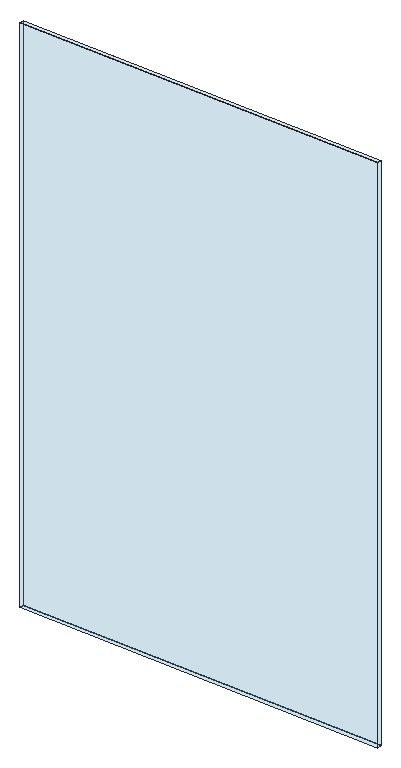
Revit family "M_Painel de vidro", category Painéis cortina, Revit 2019
Family settings
  Número OmniClass = 23.25.20.14.11.11.17
  Título OmniClass = Infill Panels
  ID de item do Seek = Glazed Panel-0000-CAN-ENU
  Sempre na vertical = Sim
  Corte com vazios quando carregada = Não
  Compartilhado = Não
Parameters (values of type "Painel envidraçado")
  Visual Light Transmittance = 0.9
  Espessura = 25.00 mm
  Solar Heat Gain Coefficient = 0.78
  ID do tipo de construção = ""
  Coeficiente de transferência de calor (U) = 3.6886 W/(m²·K)
  Material de vidraça = Vidro
  Deslocamento = 63.50 mm
  Construção analítica = Vidraça única Pilkington 1/8 pol
Reference planes
  plane 1: y = 0
  plane 2: z = 0
  plane 3: x = 0
  plane 4: x = -831.877
  plane 5: x = 831.877
  plane 6: z = 2438.4
Forms (mm)
  Extrusion 1, solid, material "Vidro" <- "Material de vidraça"
    sketch origin (0, 0, 0) x (1, 0, 0) y (0, 1, 0)
      loop
        line (-831.877, 38.5) -> (831.877, 38.5) -> (831.877, 63.5) -> (-831.877, 63.5) -> (-831.877, 38.5)
    from 0 to 2438.4
Lines and regions (mm)
  symbolic lines, style "Vidro"
    curve 1: line (-831.877, 63.5, 0) -> (831.877, 63.5, 0)
Text (mm)
  text "Exterior" at (-1328.559, 631.882, 0), in view "Linha base"
Dimensions and locks
  equal spacing: plane 4, plane 3, plane 5
  "Deslocamento": plane 1 to Extrusion 1 sketch curve
  "Espessura": Extrusion 1 sketch curve to Extrusion 1 sketch curve
  locked: curve 1 to Extrusion 1 at 0
  aligned and locked: plane 4 to curve 1
  aligned and locked: plane 5 to curve 1
  aligned and locked: plane 5 to Extrusion 1 sketch curve
  aligned and locked: Extrusion 1 sketch curve to plane 5
  aligned and locked: Extrusion 1 to level
  aligned and locked: Extrusion 1 to plane 6
Automatic sketch dimensions
  Extrusion 1 sketch curve to plane 4 = 0.00 mm
